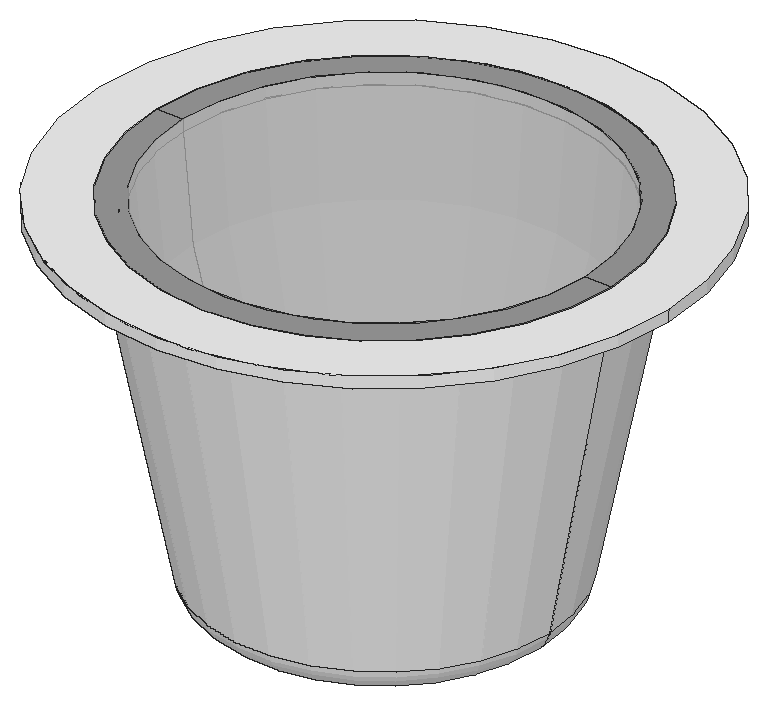
Revit family "2060538 Sylvania Lighting Fixture ASCENT100 II ARCH 2000 4K DALI EMG 120", category Lighting Fixtures, host Face, Revit 2016
Family settings
  Host = Face
  Part Type = Normal
  Round Connector Dimension = Use Diameter
  OmniClass Number = 23.80.70.11.17
  OmniClass Title = Specialized Lighting by Location or Use
  Cut with Voids When Loaded = No
  Light Source = Yes
  Shared = No
  Room Calculation Point = No
Parameters (values of type "2060538 ASCT100 II ARCH 2000 4K DALI EMG 120 Emergency mode")
  Weight = "1.43 kg"
  WarrantyStartDate [instance] = "n/a"
  WarrantyGuarantorParts = "n/a"
  WarrantyDurationUnit = "n/a"
  WarrantyDurationParts = "n/a"
  WarrantyDescription = "n/a"
  Voltage = 0 V
  TypeName = "ASCT100 II ARCH 2000 4K DALI EMG 120 Emergency mode"
  SerialNumber [instance] = "n/a"
  ReflectorRadius_SYL = Radius_SYL - 15.0 mm  # 60.0 mm
  PowerFactor = 0
  PowerConsumption = "20 W"
  NominalWidth = 0.0 mm
  NominalLength = 0.0 mm
  NominalHeight = 94.0 mm
  Name = "ASCT100 II ARCH 2000 4K DALI EMG 120 Emergency mode"
  ModelReference = "ASCT100 II ARCH 2000 4K DALI EMG 120 Emergency mode"
  ModelNumber = "2060538"
  Material_4_SYL = Aluminium_Sylvania_Ascent_Silver
  Radius_SYL = 75.0 mm
  Wattage = 1.69307 W
  built-in parameter 1150110 = 1 (stored number, unit not read)
  URL = "http://www.sylvania-lighting.com"
  built-in parameter 1114217 = 1 (stored number, unit not read)
  Tilt Angle = -90°
  built-in parameter 1150109 = 1 (stored number, unit not read)
  built-in parameter 1150134 = 12
  built-in parameter 1150113 = 1 (stored number, unit not read)
  Photometric Web File = "2060538EM.ies"
  Material = "aluminium housing, acrylic diffuser"
  ManufacturerName = "Feilo Sylvania"
  LuminousEfficacy = "101 lm/W"
  LuminaireType = ""
  LightOutputRatio = "100"
  LampsType = Lamp  # "LED"
  LampNominalLuminous = "2029 lm"
  LampMacAdamStep = "n/a"
  LampColourTemperature = "4000 K"
  LampColourRenderingIndex = "80"
  Keynote = "16500"
  InstallationDate [instance] = "n/a"
  InputVoltage = "n/a"
  InputNominalFrequency = "n/a"
  IngressProtection = "IP40"
  ImpactProtectionIndex = "IK02"
  IfcExportType = "IfcLightFixtureType"
  IfcExportAs = "IfcLightFixtureType"
  Height_SYL = 94.0 mm
  ExpectedLife = 50000
  Emit from Circle Diameter = 2 * DiffuserRadius_SYL  # 106.0 mm
  Emit Shape Visible in Rendering = no
  ElectricShockClassification = "Class II"
  DurationUnit = "hours"
  DocumentationLiterature = "http://www.sylvania-lighting.com/product/en-int/products/2060538"
  DimmingControlOptions = "n/a"
  DiffuserRadius_SYL = ReflectorRadius_SYL - 7.0 mm  # 53.0 mm
  Material_3_SYL = Polycarbonate_Sylvania_Ascent_Clear
  Diameter_SYL = 2 * Radius_SYL  # 150.0 mm
  CutoutDiameter_SYL = Diameter_SYL - 13.0 mm  # 137.0 mm
  CreatedOn = "9/17/2018"
  CreatedBy = "@sylvania-lighting.com"
  built-in parameter 1114216 [instance] = 1 (stored number, unit not read)
  Model = "ASCT100 II ARCH 2000 4K DALI EMG 120 Emergency mode"
  Manufacturer = "Feilo Sylvania"
  built-in parameter 1150105 = 13.608 (stored number, unit not read)
  Lumens = 171 lm
  built-in parameter 1150115 = 1 (stored number, unit not read)
  built-in parameter 1150137 = (empty or 0)
  built-in parameter 1150139 = (empty or 0)
  built-in parameter 1150112 = 1 (stored number, unit not read)
  built-in parameter 1150114 = 1 (stored number, unit not read)
  Lamp = "LED"
  built-in parameter 1150132 = 2
  built-in parameter 1150102 = (empty or 0)
  built-in parameter 1150107 = 4000 (stored number, unit not read)
  built-in parameter 1150138 = (empty or 0)
  built-in parameter 1150106 = 0.13608 (stored number, unit not read)
  Material_1_SYL = Aluminum_Sylvania_Ascent_White
  built-in parameter 1150104 = 9.3832 (stored number, unit not read)
  Dimming Lamp Color Temperature Shift = <None>
  Description = "Direct LED retro fit for original LED 100 Arch (120) single CFL lamp offering Matching lumen levels and improved light distribution of original LED 100 CFL lamp equivalents Typically half the power consumption compared to CFL Up to 104lm/W 120mm aperture Architectural reflector accepts range of glass accessories from existing LED 100 Arch 120 offering HE, HO and VHO versions equivalent of single 1 x 13W, 1 x 18W, 1 x 26W Additional VVHO versions which offer the performance circa 2 x 26W equivalent"  # constant formula
  Default Elevation = 0.0 mm
  Color Filter = 16777215
  built-in parameter 1140040 [instance] = 1
  BarCode [instance] = "n/a"
  built-in parameter 1114218 = 1 (stored number, unit not read)
  built-in parameter 1150133 = 10 (stored number, unit not read)
  AssetType = "Fixed"
  AssetIdentifier [instance] = "n/a"
  Assembly Code = "D5020200"
  Apparent Load = 1.69307 VA
  Aperture_SYL = 2 * ReflectorRadius_SYL  # 120.0 mm
  Material_2_SYL = Aluminum_Sylvania_Ascent_White
Types (2, lengths in mm): name | TypeName | Name | ModelReference | Wattage | Photometric Web File | Model | built-in parameter 1150105 | Lumens | built-in parameter 1150106 | Apparent Load
  2060538 ASCT100 II ARCH 2000 4K DALI EMG 120 Emergency mode | "ASCT100 II ARCH 2000 4K DALI EMG 120 Emergency mode" | "ASCT100 II ARCH 2000 4K DALI EMG 120 Emergency mode" | "ASCT100 II ARCH 2000 4K DALI EMG 120 Emergency mode" | 1.69307 W | "2060538EM.ies" | "ASCT100 II ARCH 2000 4K DALI EMG 120 Emergency mode" | 13.608 (stored number, unit not read) | 171 lm | 0.13608 (stored number, unit not read) | 1.69307 VA
  2060538 ASCT100 II ARCH 2000 4K DALI EMG 120 | "ASCENT100 II ARCH 2000 4K DALI EMG 120" | "ASCENT100 II ARCH 2000 4K DALI EMG 120" | "ASCENT100 II ARCH 2000 4K DALI EMG 120" | 20 W | "2060538.ies" | "ASCENT100 II ARCH 2000 4K DALI EMG 120" | 160.75 (stored number, unit not read) | 2020 lm | 1.6075 (stored number, unit not read) | 20 VA
Reference planes
  plane 1 "Center (Front/Back)": y = 0
  plane 2: z = 0
  plane 3 "Center (Left/Right)": x = 0
  plane 4 "Fixture Bottom": z = 3
  plane 5: z = -52.5
  plane 6 "Fixture Top": z = -91
Forms (mm)
  Extrusion 1, solid, material "Aluminum_Sylvania_Ascent_White" <- "Material_2_SYL", detail levels fine
    sketch origin (0, 0, 0) x (1, 0, 0) y (0, 1, 0)
      loop
        circle (0, 0) r 75
      loop
        circle (0, 0) r 60
    from 0 to 3
  Extrusion 2, void
    sketch origin (0, 0, 0) x (1, 0, 0) y (0, 1, 0)
      loop
        circle (0, 0) r 68.5
    from -91 to 3
  Revolve 3, solid, material "Aluminum_Sylvania_Ascent_White" <- "Material_1_SYL", detail levels fine
    sketch origin (0, 0, 0) x (1, 0, 0) y (0, 0, 1)
      loop
        line (0, -91.073) -> (0, -89.023) -> (-35.468, -89.014)
        arc (-35.468, -89.014) -> (-39.352, -87.613) -> (-41.54, -84.139) r 6.307
        line (-41.54, -84.139) -> (-57.991, -2.844) -> (-57.991, 0) -> (-60, 0) -> (-60, -3) -> (-43.5, -84.536)
        arc (-43.5, -84.536) -> (-40.643, -89.203) -> (-35.5, -91.073) r 8.291
        line (-35.5, -91.073) -> (0, -91.073)
      axis (0, 0) -> (0, -91.073)
    angle from 0 to 360
  Revolve 4, solid, material "Aluminium_Sylvania_Ascent_Silver" <- "Material_4_SYL", detail levels fine
    sketch origin (0, 0, 0) x (1, 0, 0) y (0, 0, 1)
      loop
        line (-60, 3) -> (-60, 0) -> (-55, 0)
        arc (-55, 0) -> (-52.349, -26.77) -> (-44.5, -52.5) r 136.5
        line (-44.5, -52.5) -> (-38, -52.5)
        arc (-38, -52.5) -> (-36.857, -61.521) -> (-33.5, -69.971) r 36.166
        line (-33.5, -69.971) -> (0, -69.971) -> (0, -50.5) -> (-43.16, -50.5)
        arc (-43.16, -50.5) -> (-50.517, -25.725) -> (-53, 0) r 134.5
        line (-53, 0) -> (-53, 3) -> (-60, 3)
      axis (0, 3) -> (0, -69.971)
    angle from 0 to 360
  Extrusion 5, solid, material "Polycarbonate_Sylvania_Ascent_Clear" <- "Material_3_SYL", detail levels fine
    sketch origin (0, 0, 0) x (1, 0, 0) y (0, 1, 0)
      loop
        circle (0, 0) r 53
    from 0 to 3
  Revolve 6, solid, material "Aluminum_Sylvania_Ascent_White" <- "Material_2_SYL", detail levels coarse+medium
    sketch origin (0, 0, 0) x (1, 0, 0) y (0, 0, 1)
      loop
        line (0, -91.073) -> (0, 3) -> (-75, 3) -> (-75, 0) -> (-60, 0) -> (-60, -3) -> (-43.5, -84.536)
        arc (-43.5, -84.536) -> (-40.643, -89.203) -> (-35.5, -91.073) r 8.291
        line (-35.5, -91.073) -> (0, -91.073)
      axis (0, 3) -> (0, -91.073)
    angle from 0 to 360
Dimensions and locks
  locked: plane 4 "Fixture Bottom" to plane 2 at 3
  "Height_SYL": plane 4 "Fixture Bottom" to plane 6 "Fixture Top"
  "ReflectorRadius_SYL": plane 3 "Center (Left/Right)" to Revolve 4 sketch curve
  locked: Revolve 4 sketch curve to Revolve 4 sketch curve at 15.5
  locked: Revolve 4 sketch curve to Revolve 4 sketch curve at 5
  locked: Revolve 4 sketch curve to Revolve 4 sketch curve at 7
  locked: Revolve 4 sketch curve to Revolve 4 sketch curve at 22
  locked: Revolve 4 sketch curve to Revolve 4 sketch curve at 26.5
  locked: Revolve 3 sketch curve to Revolve 3 sketch curve at 16.5
  locked: Revolve 3 sketch curve to Revolve 3 sketch curve at 24.5
  "ReflectorRadius_SYL": Revolve 3 sketch curve to plane 3 "Center (Left/Right)"
  locked: Revolve 3 sketch curve to plane 6 "Fixture Top" at 6.464
  locked: plane 2 to Revolve 3 sketch curve at 3
  locked: Revolve 3 sketch curve to Revolve 3 sketch curve at 2
  locked: Revolve 3 sketch curve to Revolve 3 sketch curve at 2.009
  locked: plane 2 to plane 5 at 52.5
  locked: Revolve 6 sketch curve to Revolve 6 sketch curve at 31.5
  locked: Revolve 6 sketch curve to Revolve 6 sketch curve at 39.5
  locked: Revolve 6 sketch curve to Revolve 6 sketch curve at 15
  "Radius_SYL": plane 3 "Center (Left/Right)" to Revolve 6 sketch curve
  "CutoutDiameter_SYL": diameter of Extrusion 2 sketch curve
  "ReflectorRadius_SYL": radius of Extrusion 1 sketch curve
  "DiffuserRadius_SYL": radius of Extrusion 5 sketch curve
  "Radius_SYL": radius of Extrusion 1 sketch curve
  aligned and locked: host face to plane 2
  aligned and locked: host face to level
  aligned and locked: plane 1 "Center (Front/Back)" to imposter light
  aligned and locked: plane 3 "Center (Left/Right)" to imposter light
  aligned and locked: plane 4 "Fixture Bottom" to Extrusion 1
  aligned and locked: Extrusion 1 to plane 2
  aligned and locked: Revolve 3 sketch curve to plane 3 "Center (Left/Right)"
  aligned and locked: Revolve 4 sketch curve to plane 3 "Center (Left/Right)"  (x2)
  aligned and locked: plane 4 "Fixture Bottom" to Revolve 4 sketch curve
  aligned and locked: Revolve 3 sketch curve to imposter light
  aligned and locked: Extrusion 5 to plane 2
  aligned and locked: imposter light to Extrusion 5
  aligned and locked: plane 2 to Revolve 3 sketch curve  (x2)
  aligned and locked: Revolve 6 sketch curve to imposter light
  aligned and locked: Revolve 6 sketch curve to plane 3 "Center (Left/Right)"
  aligned and locked: plane 6 "Fixture Top" to Extrusion 2
  aligned and locked: imposter light to Extrusion 2
  aligned and locked: imposter light to plane 4 "Fixture Bottom"
Automatic sketch dimensions
  plane 1 "Center (Front/Back)" to Extrusion 2 sketch curve = 0.0 mm
  Extrusion 2 sketch curve to plane 3 "Center (Left/Right)" = 0.0 mm
  Extrusion 1 sketch curve to Extrusion 1 sketch curve = 0.0 mm  (x2)
  plane 1 "Center (Front/Back)" to Extrusion 1 sketch curve = 0.0 mm
  Extrusion 1 sketch curve to plane 3 "Center (Left/Right)" = 0.0 mm
  plane 6 "Fixture Top" to Revolve 3 sketch curve = 0.073 mm
  Revolve 3 sketch curve to plane 6 "Fixture Top" = 6.861 mm
  Revolve 3 sketch curve to Revolve 3 sketch curve = 0.003 mm
  Revolve 3 sketch curve to Revolve 3 sketch curve = 0.009 mm  (x2)
  Revolve 3 sketch curve to Revolve 3 sketch curve = 0.023 mm
  Revolve 3 sketch curve to Revolve 3 sketch curve = 0.072 mm
  Revolve 3 sketch curve to Revolve 3 sketch curve = 0.008 mm
  Revolve 3 sketch curve to plane 6 "Fixture Top" = 1.977 mm
  Revolve 3 sketch curve to Revolve 3 sketch curve = 33.496 mm
  Revolve 3 sketch curve to Revolve 3 sketch curve = 0.028 mm
  plane 4 "Fixture Bottom" to Revolve 3 sketch curve = 82.431 mm
  Revolve 4 sketch curve to Revolve 4 sketch curve = 0.0 mm  (x2)
  Revolve 4 sketch curve to plane 5 = 0.0 mm
  Revolve 4 sketch curve to level = 0.0 mm
  plane 5 to Revolve 4 sketch curve = 2.0 mm
  plane 4 "Fixture Bottom" to Revolve 4 sketch curve = 9.642 mm
  plane 1 "Center (Front/Back)" to Extrusion 5 sketch curve = 0.0 mm
  Extrusion 5 sketch curve to plane 3 "Center (Left/Right)" = 0.0 mm
  Revolve 4 sketch curve to level = 69.971 mm
  Revolve 4 sketch curve to Revolve 4 sketch curve = 2.387 mm
  Revolve 6 sketch curve to level = 0.0 mm
  Revolve 6 sketch curve to plane 3 "Center (Left/Right)" = 0.0 mm
  Revolve 6 sketch curve to Revolve 6 sketch curve = 8.104 mm
  Revolve 6 sketch curve to level = 3.0 mm
  Revolve 6 sketch curve to plane 6 "Fixture Top" = 6.464 mm
  plane 6 "Fixture Top" to Revolve 6 sketch curve = 0.073 mm
  Revolve 6 sketch curve to Revolve 6 sketch curve = 33.496 mm
  plane 4 "Fixture Bottom" to Revolve 6 sketch curve = 82.431 mm
  host sketch curve to host sketch curve = 1368.192 mm
  host sketch curve to host sketch curve = 1600.367 mm
Connectors
  electrical at (0, 0, -91.073), driven by "Apparent Load"
    settings: on Revolve 3, index 1, voltage 240 V, apparent load 0 VA, apparent load phase1 1.69307 VA, apparent load phase2 0 VA, apparent load phase3 0 VA, power factor 1, load classification "Lighting", number of poles 1, system type 31, power factor state 1, is connector primary yes, connector utility no, sub classification motor no, connector description ""
